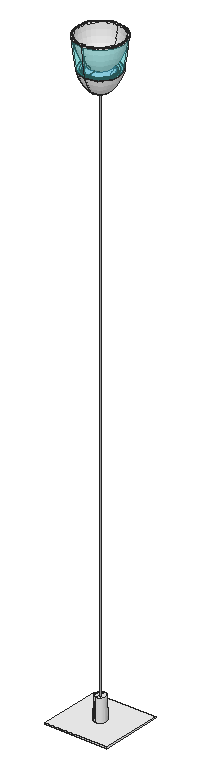
Revit family "BE_56581.1_de_DE", category Leuchten, Revit 2020
Family settings
  Basisbauteil = Fläche
  Bemaßung runder Anschluss = Durchmesser verwenden
  Teiletyp = Normal
  Beim Laden mit Abzugskörper schneiden = Ja
  Lichtquelle = Ja
  Gemeinsam genutzt = Nein
  Raumberechnungspunkt = Ja
Parameters (values of type "BEGA_56581.1_K3")
  built-in parameter 1150104 = 12.96 (stored number, unit not read)
  Wattage = 36.3 W
  Default Elevation = 0 mm
  built-in parameter 1150113 = 1 (stored number, unit not read)
  built-in parameter 1114218 = 1 (stored number, unit not read)
  Umgebungstemperatur = "25 °C"
  URL = "http://www.bega.de/de/produkt/56581.1"
  Typenkommentare = "© 2022 BEGA. Wir behalten uns das Recht vor, technische Änderungen ohne vorherige Ankündigung vorzunehmen."  # constant formula
  built-in parameter 1150134 = 12
  built-in parameter 1150109 = 1 (stored number, unit not read)
  Strom = ""
  built-in parameter 1150110 = 1 (stored number, unit not read)
  Spannung = 239.996 V
  Sonderanfertigung = no
  Seriennummer [instance] = "Hier können Sie die eindeutige Seriennummer für das Facility Management eintragen."
  Schutzklasse = "I"
  Schutzart = ""
  Scheinlast = 0 VA
  Produktdatenblatt = "http://www.bega.de/download/Xrfa/db/56581.1.db.de.pdf"
  Oberflächentemperatur = ""
  Neigungswinkel = 0.00°
  Model = "56581.1K4"
  Material_18 = BEGA_Gummi_schwarz
  Material_17 = BEGA_Reflektor
  Material_15 = BEGA_Leuchtmedium_matt
  Material_11 = BEGA_Glas_opal
  Material_10 = BEGA_Glas_matt
  Material_09 = BEGA_Glas_klar
  Material_06 = BEGA_Oberfläche_Edelstahl_gebürstet
  Material_05 = BEGA_Oberfläche_Aluminium Guss
  Material_03 = BEGA_Oberfläche_Weiss_matt
  Material_02 = BEGA_Oberfläche_Silber_matt
  Material_01 [instance] = BEGA_Oberfläche_Grafit_matt
  M_W = no
  M_G = no
  M_A = no
  Logo = 0
  built-in parameter 1114217 = 1 (stored number, unit not read)
  built-in parameter 1150139 = (empty or 0)
  built-in parameter 1150105 = 402.97 (stored number, unit not read)
  built-in parameter 1150114 = 1 (stored number, unit not read)
  Lumens = 5063.85 lm
  built-in parameter 1150115 = 1 (stored number, unit not read)
  Leuchtenlichtstrom = "3644 lm"
  Leuchtenanzahl = ""
  Lebensdauerkriterien = "L70B50 @ 25 °C = 290000 h"
  Lastklassifizierung = Beleuchtung
  built-in parameter 1150112 = 1 (stored number, unit not read)
  Lampenlichtstrom = "5065 lm"
  Lamp = "LED 36.3 W"
  LED_Modulbezeichnung = "LED-0495/940"
  Hersteller = "BEGA"  # constant formula
  Halbstreuwinkel = ""
  Gewicht = "5.7 kg"
  Gebrauchslageneinschränkung [instance] = ""
  Frequenz = "0/50-60 Hz"
  Farbwiedergabeindex = "CRI > 90"
  Farbtemperaturverschiebung bei Dämpfen der Lampe = <Keine Auswahl>
  Farbtemperatur = "4000 K"
  Color Filter = 16777215
  built-in parameter 1150133 = 10 (stored number, unit not read)
  Energieeffizienzklasse = "LED A++ - A"
  built-in parameter 1150137 = (empty or 0)
  built-in parameter 1150132 = (empty or 0)
  ENEC = "ja"
  Dimmbar [instance] = "DALI"
  Photometric Web File = "BE_56581.1K4.IES"
  CE_Konformität = "ja"
  Bestellnummer = "56581.1K4"
  Beschreibung_Sonderanfertigung = "Hier können Sie Informationen zur Sonderanfertigung eintragen."
  Beschreibung = "Pendelleuchte"
  built-in parameter 1150106 = 4.0297 (stored number, unit not read)
  Befestigungsbohrung = ""
  Befestigungsabstand = ""
  Ballwurfsicher = ""
  BEGA_Intern_aus = yes
  BEGA_Intern_an = yes
  BEGA_Intern_Konstruktion = yes
  BEGA_Intern = yes
  BEGA_IES = yes
  BEGA_Dummy = no
  Anschlussleitung = ""
  Anschlussleistung [instance] = "39.5 W"
  Anschlusskasten = ""
  built-in parameter 1150107 = 4000 (stored number, unit not read)
  built-in parameter 1150102 = (empty or 0)
  built-in parameter 1150138 = (empty or 0)
  Aktualisierung = "2019-07-09T04:00:12"
  Abstand_zur_angestrahlten_Fläche [instance] = ""
  AC/DC = "AC/DC"
Reference planes
  plane 1 "Mitte (Vorne/Hinten)": y = 0
  plane 2: z = 0
  plane 3 "Mitte (Links/Rechts)": x = 0
  plane 4 "Links": x = -151.3
  plane 5 "Rechts": x = 151.3
  plane 6 "Unten": y = -151.3
  plane 7 "Oben": y = 151.3
  plane 8 "Vorne": z = 3999
  plane 9 "Hinten": z = 0
Forms (mm)
  Extrusion 1, solid, material "BEGA_Platte_Weiss"
    sketch origin (0, -1119.2, 0) x (1, 0, 0) y (0, 1, 0)
      loop
        line (-200, 1319.2) -> (-200, 919.2) -> (200, 919.2) -> (200, 1319.2) -> (-200, 1319.2)
    from 0 to -10
  Extrusion 2, solid, material "BEGA_Dummy_matt", visible <- "BEGA_Dummy"
    sketch origin (77.149, -76.023, 0) x (1, 0, 0) y (0, 1, 0)
      loop
        circle (-77.149, 76.023) r 151.3
    from 0 to 3999
Dimensions and locks
  plane 1 "Mitte (Vorne/Hinten)" to Extrusion 1 = 200 mm
  aligned and locked: plane 2 to Extrusion 1
  aligned and locked: level to Extrusion 1
Nested families
  nested 1: "BE_56581.1" at (0, 0, 0), type "BE_56581.1"
Connectors
  electrical at (0, 0, 0), driven by "Lastklassifizierung", driven by "Spannung", driven by "Scheinlast"
    settings: index 1, voltage 239.996 V, apparent load 0 VA, apparent load phase1 0 VA, apparent load phase2 0 VA, apparent load phase3 0 VA, power factor 1, load classification "Beleuchtung", number of poles 1, system type 31, power factor state 1, is connector primary yes, connector utility no, sub classification motor no, connector description ""
Definition of nested family "BE_56581.1"
  Parameters (values of type "BE_56581.1")
    Default Elevation = 1 mm
    URL = "http://www.bega.de/de/produkt"
    Type Comments = "© 2015 BEGA. Wir behalten uns das Recht vor, technische Änderungen ohne vorherige Ankündigung vorzunehmen. "  # constant formula
    Type Image = (empty or 0)
    Neigungswinkel_um_Z2 = 0.00°
    Neigungswinkel_um_Z1 = 0.00°
    Neigungswinkel_um_Y2 = 0.00°
    Neigungswinkel_um_Y1 = 0.00°
    Neigungswinkel_um_X2 = 0.00°
    Neigungswinkel_um_X1 = 0.00°
    Material_18 = none
    Material_17 = none
    Material_15 = none
    Material_11 = none
    Material_10 = none
    Material_09 = none
    Material_06 = none
    Material_05 = none
    Material_03 = none
    Material_02 = none
    Material_01 = none
    M_W = yes
    M_G = yes
    M_A = yes
    Länge_Platte = 400 mm  # constant formula
    Höhe_Platte = -10 mm  # constant formula
    Manufacturer = "BEGA"  # constant formula
    Drehwinkel_um_Z2 = 0.00°
    Drehwinkel_um_Z1 = 0.00°
    Breite_Platte = 400 mm  # constant formula
  Reference planes
    plane 1 "Mitte (Oben/Unten)": y = 0
    plane 2: z = 0
    plane 3 "Mitte (Links/Rechts)": x = 0
    plane 4: y = 151.3
    plane 5: y = -151.3
    plane 6: z = 4000
    plane 7: x = -151.3
    plane 8: x = 151.3
  Forms (mm)
    Extrusion 1, solid, detail levels medium
      sketch origin (0, 0, 0) x (1, 0, 0) y (0, 1, 0)
        loop
          line (-200, 200) -> (-200, -200) -> (200, -200) -> (200, 200) -> (-200, 200)
      from 0 to -10 <- "Höhe_Platte"
    Revolve 2, solid, material <- "Material_03", detail levels medium+fine
      sketch origin (0, 0, 0) x (0, 1, 0) y (0, 0, 1)
        loop
          line (-36.248, 0.5) -> (-34, 0.5) -> (-34, 2.676) -> (-32.481, 2.729) -> (-31.3, 138.025)
          arc (-31.3, 138.025) -> (-30.705, 139.423) -> (-29.3, 140) r 2
          line (-29.3, 140) -> (0, 140) -> (0, 143.501)
          arc (0, 143.501) -> (-17.512, 143.245) -> (-35.009, 142.479) r 600
          line (-35.009, 142.479) -> (-36.248, 0.5)
        axis (0, 0.5) -> (0, 143.501)
      angle from 0 to 360
    Revolve 3, solid, material <- "Material_05", detail levels medium+fine
      sketch origin (0, 0, 0) x (0, 1, 0) y (0, 0, 1)
        loop
          line (-32.14, 2) -> (-32.175, 1) -> (-33.765, 1) -> (-33.8, 0) -> (0, 0) -> (0, 2) -> (-32.14, 2)
        axis (0, 0) -> (0, 2)
      angle from 0 to 360
    Extrusion 4, void
      sketch origin (0, 0, 0) x (1, 0, 0) y (0, 1, 0)
        loop
          arc (-9.887, 12.652) -> (-16.053, -0.003) -> (-9.876, -12.652) r 16.053
          line (-9.876, -12.652) -> (9.484, -12.652)
          arc (9.484, -12.652) -> (15.815, -0.003) -> (9.495, 12.652) r 15.815
          line (9.495, 12.652) -> (-9.887, 12.652)
        loop
          circle (-0.016, 25) r 2.25
        loop
          circle (-0.016, -25) r 2.25
      from 0 to 3.541
    Revolve 5, solid, material <- "Material_03", detail levels medium+fine
      sketch origin (0, 0, 0) x (0, 1, 0) y (0, 0, 1)
        loop
          line (-151.3, 3997) -> (-150.3, 3997) -> (-150.3, 3999) -> (-139.949, 3999)
          spline (-139.949, 3999) -> (-138.779, 3976.236) -> (-136.01, 3953.855) -> (-131.676, 3932.161) -> (-125.838, 3911.444) -> (-118.571, 3891.985) -> (-109.972, 3874.046) -> (-100.154, 3857.87) -> (-89.246, 3843.674) -> (-77.391, 3831.655) -> (-64.745, 3821.976) -> (-51.475, 3814.779) -> (-37.762, 3810.166)
          arc (-37.762, 3810.166) -> (-37.214, 3809.812) -> (-37, 3809.196) r 1
          line (-37, 3809.196) -> (-37, 3805) -> (-36, 3805) -> (-36, 3809.985)
          arc (-36, 3809.985) -> (-36.219, 3810.608) -> (-36.779, 3810.958) r 1
          spline (-36.779, 3810.958) -> (-50.367, 3815.489) -> (-63.542, 3822.592) -> (-76.126, 3832.17) -> (-87.949, 3844.094) -> (-98.85, 3858.202) -> (-108.68, 3874.301) -> (-117.307, 3892.175) -> (-124.613, 3911.58) -> (-130.5, 3932.253) -> (-134.887, 3953.913) -> (-137.714, 3976.266) -> (-138.944, 3999.009)
          arc (-138.944, 3999.009) -> (-139.241, 3999.71) -> (-139.944, 4000) r 1
          line (-139.944, 4000) -> (-150.3, 4000)
          arc (-150.3, 4000) -> (-151.007, 3999.707) -> (-151.3, 3999) r 1
          line (-151.3, 3999) -> (-151.3, 3997)
        axis (0, 3805) -> (0, 4000)
      angle from 0 to 360
    Revolve 6, solid, material <- "Material_09", detail levels medium+fine
      sketch origin (0, 0, 0) x (0, 1, 0) y (0, 0, 1)
        loop
          line (-102.7, 3768.034) -> (-96.4, 3768.034) -> (-96.4, 3792.847)
          arc (-96.4, 3792.847) -> (-98.818, 3798.985) -> (-104.772, 3801.826) r 9
          line (-104.772, 3801.826) -> (-121.101, 3802.97)
          arc (-121.101, 3802.97) -> (-138.31, 3900.406) -> (-145.438, 3999.093) r 963.829
          line (-145.438, 3999.093) -> (-149.939, 3999.093)
          arc (-149.939, 3999.093) -> (-142.528, 3897.875) -> (-124.563, 3797.988) r 968.329
          arc (-124.563, 3797.988) -> (-124.199, 3797.391) -> (-123.552, 3797.127) r 1.119
          line (-123.552, 3797.127) -> (-107.926, 3796.034) -> (-102.7, 3768.034)
        axis (0, 3768.034) -> (0, 3999.093)
      angle from 0 to 360
    Revolve 7, solid, material <- "Material_03", detail levels medium+fine
      sketch origin (0, 0, 0) x (0, 1, 0) y (0, 0, 1)
        loop
          line (-3.71, 3663.451) -> (0, 3663.451) -> (0, 3666.998)
          arc (0, 3666.998) -> (-36.026, 3674.484) -> (-65.816, 3696.08) r 87.76
          arc (-65.816, 3696.08) -> (-99.133, 3743.474) -> (-120.273, 3797.412) r 242.773
          line (-120.273, 3797.412) -> (-123.99, 3797.412)
          arc (-123.99, 3797.412) -> (-102.525, 3742.181) -> (-68.493, 3693.673) r 246.373
          arc (-68.493, 3693.673) -> (-39.18, 3671.963) -> (-3.71, 3663.451) r 91.36
        axis (0, 3663.451) -> (0, 3797.412)
      angle from 0 to 360
    Revolve 8, solid, material <- "Material_03", detail levels medium+fine
      sketch origin (0, 0, 0) x (0, 1, 0) y (0, 0, 1)
        loop
          line (-3.35, 118.995) -> (0, 118.995) -> (0, 3695.157) -> (-3.35, 3695.157) -> (-3.35, 118.995)
        axis (0, 3695.157) -> (0, 118.995)
      angle from 0 to 360
    Revolve 9, solid, material <- "Material_10", detail levels medium+fine
      sketch origin (0, 0, 0) x (0, 1, 0) y (0, 0, 1)
        loop
          line (0, 3806.329) -> (0, 3821.829)
          arc (0, 3821.829) -> (-17.765, 3819.684) -> (-34.51, 3813.374) r 74.657
          arc (-34.51, 3813.374) -> (-35.259, 3812.685) -> (-35.571, 3811.717) r 2
          line (-35.571, 3811.717) -> (-35.805, 3807.255)
          arc (-35.805, 3807.255) -> (-36.079, 3806.619) -> (-36.699, 3806.313) r 1
          line (-36.699, 3806.313) -> (-92.963, 3800.4)
          arc (-92.963, 3800.4) -> (-93.589, 3800.094) -> (-93.863, 3799.453) r 1
          line (-93.863, 3799.453) -> (-94.522, 3786.868)
          arc (-94.522, 3786.868) -> (-94.386, 3786.498) -> (-94.023, 3786.342) r 0.5
          line (-94.023, 3786.342) -> (-89.042, 3786.342) -> (-88.608, 3794.636)
          arc (-88.608, 3794.636) -> (-88.061, 3795.908) -> (-86.82, 3796.521) r 2
          line (-86.82, 3796.521) -> (-32.407, 3802.24)
          arc (-32.407, 3802.24) -> (-31.789, 3802.543) -> (-31.513, 3803.174) r 1
          line (-31.513, 3803.174) -> (-31.398, 3805.373)
          arc (-31.398, 3805.373) -> (-31.09, 3806.051) -> (-30.399, 3806.329) r 1
          line (-30.399, 3806.329) -> (0, 3806.329)
        axis (0, 3821.829) -> (0, 3786.342)
      angle from 0 to 360
  Cuts and joins
    Extrusion 4 cuts Revolve 3
  Dimensions and locks
    equal spacing: Extrusion 1 sketch curve, plane 3 "Mitte (Links/Rechts)", Extrusion 1 sketch curve
    equal spacing: Extrusion 1 sketch curve, plane 1 "Mitte (Oben/Unten)", Extrusion 1 sketch curve
    "Länge_Platte": Extrusion 1 sketch curve to Extrusion 1 sketch curve
    "Breite_Platte": Extrusion 1 sketch curve to Extrusion 1 sketch curve
    aligned and locked: Extrusion 1 to plane 2
    aligned and locked: level to Extrusion 1
  Automatic sketch dimensions
    Revolve 3 sketch curve to plane 1 "Mitte (Oben/Unten)" = 0 mm  (x2)
    Revolve 3 sketch curve to level = 0 mm  (x2)
    plane 1 "Mitte (Oben/Unten)" to Revolve 3 sketch curve = 32.14 mm
    Revolve 3 sketch curve to Revolve 3 sketch curve = 2.125 mm
    Revolve 3 sketch curve to Revolve 3 sketch curve = 0.035 mm  (x2)
    Revolve 3 sketch curve to Revolve 3 sketch curve = 1.59 mm
    level to Revolve 3 sketch curve = 1 mm
    Revolve 3 sketch curve to Revolve 3 sketch curve = 2 mm
    Extrusion 4 sketch curve to Extrusion 4 sketch curve = 0 mm  (x2)
    Extrusion 4 sketch curve to plane 3 "Mitte (Links/Rechts)" = 0 mm
    Extrusion 4 sketch curve to plane 3 "Mitte (Links/Rechts)" = 0.016 mm  (x2)
    Extrusion 4 sketch curve to plane 3 "Mitte (Links/Rechts)" = 9.876 mm
    Extrusion 4 sketch curve to plane 3 "Mitte (Links/Rechts)" = 9.887 mm
    plane 3 "Mitte (Links/Rechts)" to Extrusion 4 sketch curve = 9.484 mm
    plane 1 "Mitte (Oben/Unten)" to Extrusion 4 sketch curve = 25 mm
    Extrusion 4 sketch curve to plane 1 "Mitte (Oben/Unten)" = 0.004 mm
    Extrusion 4 sketch curve to Extrusion 4 sketch curve = 12.348 mm
    plane 1 "Mitte (Oben/Unten)" to Extrusion 4 sketch curve = 12.652 mm
    Revolve 2 sketch curve to plane 1 "Mitte (Oben/Unten)" = 0 mm  (x2)
    plane 1 "Mitte (Oben/Unten)" to Revolve 2 sketch curve = 29.3 mm
    Revolve 2 sketch curve to Revolve 2 sketch curve = 2 mm
    level to Revolve 2 sketch curve = 2.729 mm
    plane 1 "Mitte (Oben/Unten)" to Revolve 2 sketch curve = 32.481 mm
    Revolve 2 sketch curve to Revolve 2 sketch curve = 1.52 mm
    Revolve 2 sketch curve to Revolve 2 sketch curve = 3.709 mm
    level to Revolve 2 sketch curve = 0.5 mm
    Revolve 2 sketch curve to Revolve 2 sketch curve = 2.248 mm
    Revolve 2 sketch curve to level = 456.499 mm
    Revolve 2 sketch curve to Revolve 2 sketch curve = 0.053 mm
    Revolve 2 sketch curve to Revolve 2 sketch curve = 135.271 mm
    Revolve 2 sketch curve to Revolve 2 sketch curve = 0.025 mm
    Revolve 2 sketch curve to Revolve 2 sketch curve = 0 mm  (x4)
    Revolve 2 sketch curve to Revolve 2 sketch curve = 4.454 mm
    Revolve 2 sketch curve to Revolve 2 sketch curve = 46.562 mm
    Revolve 7 sketch curve to Revolve 7 sketch curve = 0 mm  (x7)
    Revolve 7 sketch curve to plane 1 "Mitte (Oben/Unten)" = 0 mm  (x2)
    plane 1 "Mitte (Oben/Unten)" to Revolve 7 sketch curve = 0.556 mm
    plane 1 "Mitte (Oben/Unten)" to Revolve 7 sketch curve = 3.71 mm
    Revolve 7 sketch curve to Revolve 7 sketch curve = 3.717 mm
    Revolve 7 sketch curve to Revolve 7 sketch curve = 3.547 mm
    Revolve 7 sketch curve to Revolve 7 sketch curve = 87.758 mm
    Revolve 7 sketch curve to Revolve 7 sketch curve = 42.656 mm
    Revolve 7 sketch curve to Revolve 7 sketch curve = 103.641 mm
    Revolve 7 sketch curve to Revolve 7 sketch curve = 4.003 mm
    Revolve 6 sketch curve to Revolve 6 sketch curve = 0 mm  (x5)
    Revolve 6 sketch curve to plane 1 "Mitte (Oben/Unten)" = 0 mm
    Revolve 6 sketch curve to Revolve 6 sketch curve = 6.3 mm
    Revolve 6 sketch curve to Revolve 6 sketch curve = 9 mm
    Revolve 6 sketch curve to Revolve 6 sketch curve = 2.526 mm
    Revolve 6 sketch curve to Revolve 6 sketch curve = 0.078 mm
    Revolve 6 sketch curve to Revolve 6 sketch curve = 24.813 mm
    Revolve 6 sketch curve to Revolve 6 sketch curve = 3.187 mm
    Revolve 6 sketch curve to Revolve 6 sketch curve = 1.093 mm
    Revolve 6 sketch curve to Revolve 6 sketch curve = 1.116 mm
    Revolve 6 sketch curve to Revolve 6 sketch curve = 4.727 mm
    Revolve 6 sketch curve to Revolve 6 sketch curve = 226.251 mm
    Revolve 6 sketch curve to Revolve 6 sketch curve = 3.153 mm
    Revolve 6 sketch curve to Revolve 6 sketch curve = 4.501 mm
    Revolve 6 sketch curve to Revolve 6 sketch curve = 0.79 mm
    Revolve 6 sketch curve to Revolve 6 sketch curve = 0.003 mm
    Revolve 6 sketch curve to Revolve 6 sketch curve = 40 mm
    Revolve 9 sketch curve to plane 1 "Mitte (Oben/Unten)" = 0 mm  (x2)
    plane 1 "Mitte (Oben/Unten)" to Revolve 9 sketch curve = 0.001 mm
    plane 1 "Mitte (Oben/Unten)" to Revolve 9 sketch curve = 30.399 mm
    Revolve 9 sketch curve to Revolve 9 sketch curve = 0.999 mm  (x3)
    Revolve 9 sketch curve to Revolve 9 sketch curve = 0.115 mm
    Revolve 9 sketch curve to Revolve 9 sketch curve = 0.998 mm
    Revolve 9 sketch curve to Revolve 9 sketch curve = 3.176 mm
    Revolve 9 sketch curve to Revolve 9 sketch curve = 1.997 mm  (x2)
    Revolve 9 sketch curve to Revolve 9 sketch curve = 1.232 mm
    Revolve 9 sketch curve to Revolve 9 sketch curve = 2.432 mm
    Revolve 9 sketch curve to Revolve 9 sketch curve = 6.254 mm
    Revolve 9 sketch curve to Revolve 9 sketch curve = 0.099 mm
    Revolve 9 sketch curve to Revolve 9 sketch curve = 4.981 mm
    Revolve 9 sketch curve to Revolve 9 sketch curve = 39.17 mm
    Revolve 9 sketch curve to Revolve 9 sketch curve = 0.5 mm
    Revolve 9 sketch curve to Revolve 9 sketch curve = 8.19 mm
    Revolve 9 sketch curve to Revolve 9 sketch curve = 4.873 mm
    Revolve 9 sketch curve to Revolve 9 sketch curve = 0.049 mm
    Revolve 9 sketch curve to Revolve 9 sketch curve = 8.642 mm
    Revolve 9 sketch curve to Revolve 9 sketch curve = 0.061 mm
    Revolve 9 sketch curve to Revolve 9 sketch curve = 2.155 mm
    Revolve 9 sketch curve to Revolve 9 sketch curve = 0.044 mm
    Revolve 9 sketch curve to Revolve 9 sketch curve = 1.935 mm
    Revolve 9 sketch curve to Revolve 9 sketch curve = 4.299 mm
    Revolve 9 sketch curve to Revolve 9 sketch curve = 0.11 mm
    Revolve 9 sketch curve to Revolve 9 sketch curve = 15.5 mm
    Revolve 9 sketch curve to Revolve 9 sketch curve = 0.105 mm  (x3)
    Revolve 9 sketch curve to Revolve 9 sketch curve = 0 mm  (x13)
    Revolve 9 sketch curve to Revolve 9 sketch curve = 0.209 mm
    Revolve 9 sketch curve to Revolve 9 sketch curve = 0.499 mm
    Revolve 9 sketch curve to Revolve 9 sketch curve = 0.995 mm
    Revolve 9 sketch curve to Revolve 9 sketch curve = 1.71 mm
    Revolve 5 sketch curve to plane 1 "Mitte (Oben/Unten)" = 0 mm
    plane 1 "Mitte (Oben/Unten)" to Revolve 5 sketch curve = 36 mm
    Revolve 5 sketch curve to Revolve 5 sketch curve = 1 mm  (x4)
    Revolve 5 sketch curve to Revolve 5 sketch curve = 0 mm  (x4)
    Revolve 5 sketch curve to Revolve 5 sketch curve = 0.005 mm
    Revolve 5 sketch curve to Revolve 5 sketch curve = 10.356 mm
    Revolve 5 sketch curve to Revolve 5 sketch curve = 4.194 mm
    Revolve 5 sketch curve to Revolve 5 sketch curve = 0.002 mm  (x2)
    Revolve 5 sketch curve to Revolve 5 sketch curve = 0.787 mm
    Revolve 5 sketch curve to Revolve 5 sketch curve = 187.017 mm
    Revolve 5 sketch curve to Revolve 5 sketch curve = 2 mm
    plane 1 "Mitte (Oben/Unten)" to Revolve 5 sketch curve = 20 mm
    Revolve 5 sketch curve to Revolve 5 sketch curve = 0.221 mm
    Revolve 5 sketch curve to Revolve 5 sketch curve = 0.762 mm
    Revolve 5 sketch curve to Revolve 5 sketch curve = 34.953 mm
    Revolve 5 sketch curve to Revolve 5 sketch curve = 26.315 mm
    Revolve 5 sketch curve to Revolve 5 sketch curve = 5.991 mm
    Revolve 8 sketch curve to plane 1 "Mitte (Oben/Unten)" = 0 mm  (x2)
    Revolve 8 sketch curve to Revolve 8 sketch curve = 3.35 mm
    level to Revolve 8 sketch curve = 118.995 mm
    Revolve 8 sketch curve to Revolve 8 sketch curve = 1175 mm
    Revolve 8 sketch curve to Revolve 8 sketch curve = 50 mm
    Revolve 7 sketch curve to plane 1 "Mitte (Oben/Unten)" = 114.716 mm
    Revolve 5 sketch curve to Revolve 5 sketch curve = 119.944 mm
    plane 1 "Mitte (Oben/Unten)" to Revolve 6 sketch curve = 96.4 mm
    Revolve 6 sketch curve to Revolve 6 sketch curve = 13.175 mm
    Revolve 6 sketch curve to Revolve 6 sketch curve = 2.373 mm
    plane 1 "Mitte (Oben/Unten)" to Revolve 6 sketch curve = 145.438 mm
    Revolve 7 sketch curve to Revolve 7 sketch curve = 54.456 mm
    Revolve 9 sketch curve to Revolve 9 sketch curve = 49.911 mm
    level to Revolve 5 sketch curve = 3805 mm
    level to Revolve 6 sketch curve = 3768.034 mm
    level to Revolve 7 sketch curve = 3663.451 mm
    Revolve 8 sketch curve to Revolve 8 sketch curve = 2351.163 mm
    level to Revolve 9 sketch curve = 3747.172 mm
    radius of Extrusion 4 sketch curve = 2.25 mm  (x2)
